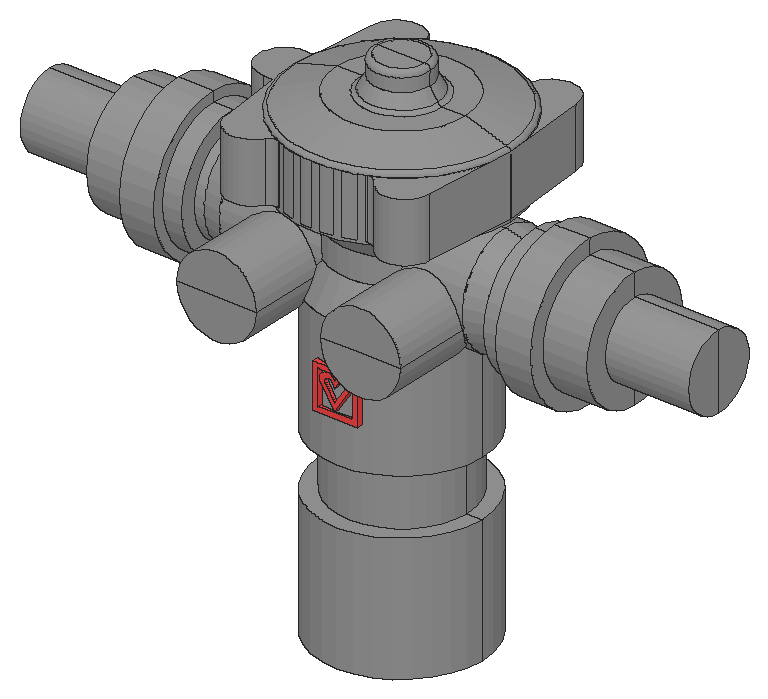
Revit family "Комби-клапан – регулятор расхода 4006_R_SMART_LF_MF", category Rohrzubehör, Revit 2018
Family settings
  Bemaßung runder Anschluss = Durchmesser verwenden
  Teiletyp = Unterbricht
  OmniClass-Nummer = 23.65.55.14
  OmniClass-Titel = Valves for Liquid Services
  Arbeitsebenenbasiert = Nein
  Immer vertikal = Ja
  Beim Laden mit Abzugskörper schneiden = Nein
  Gemeinsam genutzt = Nein
Parameters (values of type "MF")
  Среда = "Качество теплоносителя в соответствии с ÖNORM H5195 и/или предписаниями VDI-Standard 2035.\nРазрешается использование смеси этилен- или пропиленгликоля в соотношении 25-50% с водой."
  Номер заказа резьбового соединения [instance] = if(and(LF, Nennweite = 15.000 mm), 1621011, if(and(MF, Nennweite = 15.000 mm), 1621002, 0))  # 1621002
  Номер заказа [instance] = if(and(LF, Nennweite = 15.000 mm), 1400660, if(and(MF, Nennweite = 15.000 mm), 1400669, 0))  # 1400669
  Мин. рабочая температура (чистая вода) = 2 °C  # constant formula
  Мин. рабочая температура (антифриз) = -20 °C  # constant formula
  Макс. рабочая температура до DN32 = 130 °C  # constant formula
  Макс. рабочая температура от DN40 = 110 °C  # constant formula
  Макс. рабочее давление = 1600000.0 Pa  # constant formula
  VRL01 = 30.000 mm  # constant formula
  V12 = 17.000 mm  # constant formula
  V10 = 7.000 mm  # constant formula
  V09 [instance] = L06 + 4.000 mm  # 11.000 mm
  V04 [instance] = V08 + 3.000 mm  # 13.000 mm
  V03 [instance] = V08 + 5.000 mm  # 15.000 mm
  V02 [instance] = V01 + 4.500 mm  # 12.000 mm
  V01 [instance] = Nennweite / 2  # 7.500 mm
  URL = "www.herz-armaturen.ru"
  Шпиндель = "Нержавеющая сталь 14301"  # constant formula
  SCRNSEQ = "ARM;ARM_TYP=\"DURR\";2"
  SCRNCODE = "05;04;02"  # constant formula
  S09 = 10.000 mm  # constant formula
  S08 = 30.000 mm  # constant formula
  S07 [instance] = H03 + 3.700 mm  # 10.051 mm
  S04 [instance] = V03 * 2  # 30.000 mm
  S01 [instance] = L01 + L02 + (VRL01 * 2)  # 135.000 mm
  R17 [instance] = size_lookup("4006R_S_LF_MF", "R17", 12.500 mm, Nennweite)  # 12.500 mm
  R16 [instance] = size_lookup("4006R_S_LF_MF", "R16", 16.500 mm, Nennweite)  # 16.500 mm
  R15 = 7.225 mm  # constant formula
  R14 = 8.070 mm  # constant formula
  R13 = 3.496 mm  # constant formula
  R12 = 6.800 mm  # constant formula
  R11 = 9.620 mm  # constant formula
  R10 = 6.800 mm  # constant formula
  R09 = 16.292 mm  # constant formula
  R08 = 13.212 mm  # constant formula
  R07 = 18.816 mm  # constant formula
  R06 = 22.000 mm  # constant formula
  R05 = 12.954 mm  # constant formula
  R04 = 7.193 mm  # constant formula
  R03 = 5.755 mm  # constant formula
  R02 = 4.670 mm  # constant formula
  R01 [instance] = size_lookup("4006R_S_LF_MF", "R01", 11.000 mm, Nennweite)  # 11.000 mm
  PN = 16  # constant formula
  Кольцевое уплотнение O-Ring = "EPDM"  # constant formula
  V08 [instance] = size_lookup("4006R_S_LF_MF", "N2", 10.000 mm, Nennweite)  # 10.000 mm
  Nennweite/2 [instance] = size_lookup("4006R_S_LF_MF", "N1", 8.000 mm, Nennweite)  # 9.000 mm
  Nennweite [instance] = 15.000 mm
  Корпус мембраны = "латунь CW602N"  # constant formula
  Мембрана = "EPDM"  # constant formula
  MF [instance] = yes
  LF [instance] = no
  L15 [instance] = size_lookup("4006R_S_LF_MF", "L15", 3.300 mm, Nennweite)  # 3.300 mm
  L14 [instance] = size_lookup("4006R_S_LF_MF", "L14", 43.477 mm, Nennweite)  # 43.477 mm
  L13 [instance] = size_lookup("4006R_S_LF_MF", "L13", 32.232 mm, Nennweite)  # 32.232 mm
  L12 [instance] = size_lookup("4006R_S_LF_MF", "L12", 6.497 mm, Nennweite)  # 6.497 mm
  L11 [instance] = size_lookup("4006R_S_LF_MF", "L11", 5.418 mm, Nennweite)  # 5.418 mm
  L10 [instance] = size_lookup("4006R_S_LF_MF", "L10", 12.434 mm, Nennweite)  # 12.434 mm
  L09 [instance] = size_lookup("4006R_S_LF_MF", "L09", 24.943 mm, Nennweite)  # 24.943 mm
  L08 [instance] = size_lookup("4006R_S_LF_MF", "L08", 28.260 mm, Nennweite)  # 28.260 mm
  L07 [instance] = size_lookup("4006R_S_LF_MF", "L07", 33.915 mm, Nennweite)  # 33.915 mm
  L06 = 7.000 mm  # constant formula
  L05 = 9.000 mm  # constant formula
  L04 = 21.000 mm  # constant formula
  L03 = 28.000 mm  # constant formula
  L02 = 34.000 mm  # constant formula
  L01 = 41.000 mm  # constant formula
  Импульсная трубка = "Медь Cu-DHP (CW024A)"  # constant formula
  Ход = 4.000 mm  # constant formula
  Hersteller = "Herz-Armaturen GmbH"  # constant formula
  H04 = 12.000 mm  # constant formula
  H03 = 6.351 mm  # constant formula
  H02 [instance] = size_lookup("4006R_S_LF_MF", "H2", 69.000 mm, Nennweite)  # 69.000 mm
  H01 [instance] = size_lookup("4006R_S_LF_MF", "H1", 35.000 mm, Nennweite)  # 35.000 mm
  H [instance] = 112.553 mm  # constant formula
  Корпус = "Латунь, устойчивая к селективной цинковой коррозии"  # constant formula
  E20 = 108.221 mm  # constant formula
  E19 = 5.000 mm  # constant formula
  E18 = 5.150 mm  # constant formula
  E17 = 28.850 mm  # constant formula
  E16 = 23.700 mm  # constant formula
  E15 = 21.877 mm  # constant formula
  E14 = 20.506 mm  # constant formula
  E13 = 11.063 mm  # constant formula
  E12 = 9.001 mm  # constant formula
  E11 = 10.700 mm  # constant formula
  E10 = 20.427 mm  # constant formula
  E09 = 20.075 mm  # constant formula
  E08 = 20.825 mm  # constant formula
  E07 = 5.150 mm  # constant formula
  E06 = 17.921 mm  # constant formula
  E05 = 20.519 mm  # constant formula
  E04 = 19.704 mm  # constant formula
  E03 = 18.385 mm  # constant formula
  E02 = 20.014 mm  # constant formula
  E01 = 23.000 mm  # constant formula
  Пружина = "Пружинная нержавеющая сталь"  # constant formula
  Защитный колпачок = "Пластик"  # constant formula
  B09 = 7.998 mm  # constant formula
  B08 = 26.000 mm  # constant formula
  B07 = 30.908 mm  # constant formula
  B06 = 39.471 mm  # constant formula
  B05 = 40.933 mm  # constant formula
  B04 = 41.901 mm  # constant formula
  B03 = 44.372 mm  # constant formula
  B02 = 45.400 mm  # constant formula
  B01 = 50.000 mm  # constant formula
  Область применения = "Комби-клапан применяется в системах отопления и охлаждения с насосами. Комби-клапан автоматически ограничивает расход на выбранном участке системы до заданного значения, компенсируя все колебания давления. При этом нет необходимости в измерениях, а регулирование эффективно при любых условиях эксплуатации. Комби-клапан регулирует расход в соответствии с настройкой до заданного значения; на мембрану воздействует давление непосредственно до и после регулирующей части."
Types (3, lengths in mm): name | Номер заказа резьбового соединения | Номер заказа | MF | LF
  (no name) | 1621002 | 1400669 | yes | no
  LF | 1621011 | 1400660 | no | yes
  MF | 1621002 | 1400669 | yes | no
Reference planes
  plane 1 "Mitte (Vorne/hinten)": y = 0
  plane 2: z = 0
  plane 3 "Mitte (Links/rechts)": x = 0
Forms (mm)
  Revolve 1, solid, material "Messing, weicher Gelbton, geschweißt", detail levels fine
    sketch origin (0, 0, 0) x (1, 0, 0) y (0, 0, 1)
      loop
        line (-41, 9) -> (-34, 9) -> (-34, 0) -> (27, 0) -> (27, 9) -> (34, 9) -> (34, 10) -> (25, 10) -> (21, 11) -> (-28, 11) -> (-32, 10) -> (-41, 10) -> (-41, 9)
      axis (-41, 0) -> (34, 0)
    angle from 0 to 360
  Revolve 2, solid, material "Messing, weicher Gelbton, geschweißt", detail levels fine
    sketch origin (0, 0, 0) x (1, 0, 0) y (0, 0, 1)
      loop
        line (0, -69) -> (16.292, -69) -> (16.292, -43.477) -> (13.212, -43.477) -> (13.212, -32.232) -> (16.292, -32.232) -> (16.292, -6.497) -> (13.212, 0.106) -> (13.212, 5.418) -> (18.816, 12.434) -> (22, 12.434) -> (22, 24.943)
        arc (22, 24.943) -> (21.752, 25.523) -> (21.223, 25.866) r 1.085
        line (21.223, 25.866) -> (12.954, 28.26) -> (8.134, 28.26)
        arc (8.134, 28.26) -> (7.591, 28.406) -> (7.193, 28.803) r 1.086
        line (7.193, 28.803) -> (5.755, 31.294) -> (5.755, 33.915)
        arc (5.755, 33.915) -> (5.437, 34.682) -> (4.67, 35) r 1.085
        line (4.67, 35) -> (0, 35) -> (0, -69)
      axis (0, 35) -> (0, -69)
    angle from 0 to 360
  Extrusion 3, solid, material "Messing, weicher Gelbton, geschweißt", detail levels fine
    sketch origin (0, 0, 28.917) x (1, 0, 0) y (0, 1, 0)
      loop
        arc (-20.506, 17.921) -> (-21.381, 11.556) -> (-21.877, 5.15) r 108.259
        line (-21.877, 5.15) -> (-23.7, 5.15)
        arc (-23.7, 5.15) -> (-27.342, 3.642) -> (-28.85, 0) r 5.15
        arc (-28.85, 0) -> (-27.342, -3.642) -> (-23.7, -5.15) r 5.15
        line (-23.7, -5.15) -> (-21.877, -5.15)
        arc (-21.877, -5.15) -> (-21.356, -11.79) -> (-20.427, -18.385) r 108.259
        arc (-20.427, -18.385) -> (-16.688, -23.223) -> (-11.063, -20.825) r 5
        arc (-11.063, -20.825) -> (-10.143, -20.146) -> (-9.001, -20.075) r 2.019
        arc (-9.001, -20.075) -> (0, -22.001) -> (9.001, -20.075) r 22.001
        arc (9.001, -20.075) -> (10.143, -20.145) -> (11.063, -20.825) r 2.019
        arc (11.063, -20.825) -> (16.688, -23.223) -> (20.427, -18.385) r 5
        arc (20.427, -18.385) -> (22, 0) -> (20.427, 18.385) r 108.221
        arc (20.427, 18.385) -> (16.253, 23.316) -> (10.7, 20.014) r 5
        arc (10.7, 20.014) -> (9.88, 19.699) -> (9.001, 19.704) r 2.379
        arc (9.001, 19.704) -> (0, 21.663) -> (-9.001, 19.704) r 21.663
        arc (-9.001, 19.704) -> (-10.161, 19.785) -> (-11.063, 20.519) r 1.927
        arc (-11.063, 20.519) -> (-16.774, 22.818) -> (-20.506, 17.921) r 5.079
    from -15.973 to -3.973
  Revolve 4, solid, material "Messing, weicher Gelbton, geschweißt", detail levels fine
    sketch origin (0, 0, -3.3) x (1, 0, 0) y (0, 1, 0)
      loop
        line (-16.5, -26) -> (-16.5, -7.998) -> (-24.57, -7.998) -> (-24.57, -26) -> (-16.5, -26)
      axis (-16.5, -7.998) -> (-16.5, -26)
    angle from 0 to 360
  Revolve 5, solid, material "Messing, weicher Gelbton, geschweißt", detail levels fine
    sketch origin (-4, 0, -3.3) x (-1, 0, 0) y (0, -1, 0)
      loop
        line (-16.5, 26) -> (-24.57, 26) -> (-24.57, 7.998) -> (-16.5, 7.998) -> (-16.5, 26)
      axis (-16.5, 7.998) -> (-16.5, 26)
    angle from 0 to 360
  Revolve 6, solid, material "Messing, weicher Gelbton, geschweißt", detail levels fine
    sketch origin (0, 0, 0) x (1, 0, 0) y (0, 0, 1)
      loop
        line (34, 0) -> (64, 0) -> (64, 7.5) -> (47, 7.5) -> (47, 12) -> (38, 12) -> (38, 15) -> (31, 15) -> (31, 13) -> (27, 13) -> (27, 10) -> (34, 10) -> (34, 0)
      axis (27, 0) -> (64, 0)
    angle from 0 to 360
  Revolve 7, solid, material "Messing, weicher Gelbton, geschweißt", detail levels fine
    sketch origin (-7, 0, 0) x (-1, 0, 0) y (0, 0, -1)
      loop
        line (34, 0) -> (34, -10) -> (27, -10) -> (27, -13) -> (31, -13) -> (31, -15) -> (38, -15) -> (38, -12) -> (47, -12) -> (47, -7.5) -> (64, -7.5) -> (64, 0) -> (34, 0)
      axis (27, 0) -> (64, 0)
    angle from 0 to 360
Lines and regions (mm)
  model lines, detail levels coarse+medium
    curve 1: line (67.5, -15, 0) -> (67.5, 15, 0)
    curve 2: line (67.5, 15, 0) -> (-67.5, -15, 0)
    curve 3: line (-67.5, -15, 0) -> (-67.5, 15, 0)
    curve 4: line (-67.5, 15, 0) -> (67.5, -15, 0)
    curve 5: line (-67.5, 14.673, 0) -> (0, -12.434, 0)
    curve 6: line (0, -12.434, 0) -> (67.5, 14.673, 0)
    curve 7: line (0, -12.434, 0) -> (0, -24.949, 0)
    curve 8: spline (-22, -29.974, 0) -> (-21.25, -28.674, 0) -> (-19.053, -27.462, 0) -> (-15.556, -26.421, 0) -> (-11, -25.622, 0) -> (-5.694, -25.12, 0) -> (0, -24.949, 0) -> (5.694, -25.12, 0) -> (11, -25.622, 0) -> (15.556, -26.421, 0) -> (19.053, -27.462, 0) -> (21.25, -28.674, 0) -> (22, -29.975, 0) -> (21.25, -31.275, 0) -> (19.053, -32.487, 0) -> (15.556, -33.528, 0) -> (11, -34.327, 0) -> (5.694, -34.829, 0) -> (0, -35, 0) -> (-5.694, -34.829, 0) -> (-11, -34.327, 0) -> (-15.556, -33.528, 0) -> (-19.053, -32.487, 0) -> (-21.25, -31.275, 0) -> (-22, -29.974, 0)
    curve 9: line (-67.5, 0, 15) -> (-67.5, 0, -15)
    curve 10: line (-67.5, 0, -15) -> (67.5, 0, 15)
    curve 11: line (67.5, 0, 15) -> (67.5, 0, -15)
    curve 12: line (67.5, 0, -15) -> (-67.5, 0, 15)
    curve 13: line (67.5, 0, -14.975) -> (0, 0, 12.434)
    curve 14: line (0, 0, 12.434) -> (-67.5, 0, -15)
    curve 15: line (0, 0, 12.434) -> (0, 0, 24.949)
    curve 16: spline (-22, 0, 29.975) -> (-21.25, 0, 31.275) -> (-19.053, 0, 32.487) -> (-15.556, 0, 33.528) -> (-11, 0, 34.327) -> (-5.694, 0, 34.829) -> (0, 0, 35) -> (5.694, 0, 34.829) -> (11, 0, 34.327) -> (15.556, 0, 33.528) -> (19.053, 0, 32.487) -> (21.25, 0, 31.275) -> (22, 0, 29.974) -> (21.25, 0, 28.674) -> (19.053, 0, 27.462) -> (15.556, 0, 26.421) -> (11, 0, 25.622) -> (5.694, 0, 25.12) -> (0, 0, 24.949) -> (-5.694, 0, 25.12) -> (-11, 0, 25.622) -> (-15.556, 0, 26.421) -> (-19.053, 0, 27.462) -> (-21.25, 0, 28.674) -> (-22, 0, 29.975)
  model lines
    curve 17: line (-67.5, 0, 15) -> (-77.5, 0, 15)
    curve 18: line (-77.5, 0, 15) -> (-67.5, 0, 0)
    curve 19: line (-67.5, 0, -15) -> (-77.5, 0, -15)
    curve 20: line (-77.5, 0, -15) -> (-67.5, 0, 0)
    curve 21: line (67.5, 0, 15) -> (77.5, 0, 15)
    curve 22: line (77.5, 0, 15) -> (67.5, 0, 0)
    curve 23: line (67.5, 0, -15) -> (77.5, 0, -15)
    curve 24: line (77.5, 0, -15) -> (67.5, 0, 0)
    curve 25: line (-67.5, 0, 0) -> (-97.5, 0, 0)
    curve 26: line (67.5, 0, 0) -> (97.5, 0, 0)
Dimensions and locks
  "H02": level to Revolve 2 sketch curve
  "L01": plane 3 "Mitte (Links/rechts)" to Revolve 1 sketch curve
  "V08": Revolve 1 sketch curve to Revolve 1 sketch curve  (x2)
  "Nennweite/2": Revolve 1 sketch curve to Revolve 1 sketch curve  (x2)
  "E01": plane 1 "Mitte (Vorne/hinten)" to Extrusion 3 sketch curve
  "L03": plane 3 "Mitte (Links/rechts)" to Revolve 1 sketch curve
  "L04": Revolve 1 sketch curve to plane 3 "Mitte (Links/rechts)"
  "L05": Revolve 1 sketch curve to Revolve 1 sketch curve  (x2)
  "L06": Revolve 1 sketch curve to Revolve 1 sketch curve  (x2)
  "L02": Revolve 1 sketch curve to plane 3 "Mitte (Links/rechts)"
  "H01": Revolve 2 sketch curve to level
  "R02": Revolve 2 sketch curve to Revolve 2 sketch curve
  "R03": Revolve 2 sketch curve to Revolve 2 sketch curve
  "R04": Revolve 2 sketch curve to Revolve 2 sketch curve
  "R05": Revolve 2 sketch curve to Revolve 2 sketch curve
  "R06": Revolve 2 sketch curve to Revolve 2 sketch curve
  "R07": Revolve 2 sketch curve to Revolve 2 sketch curve
  "R08": Revolve 2 sketch curve to Revolve 2 sketch curve  (x2)
  "R09": Revolve 2 sketch curve to Revolve 2 sketch curve  (x2)
  "L07": Revolve 2 sketch curve to plane 2
  "L08": Revolve 2 sketch curve to plane 2
  "L09": Revolve 2 sketch curve to plane 2
  "L10": Revolve 2 sketch curve to plane 2
  "L11": Revolve 2 sketch curve to plane 2
  "L12": plane 2 to Revolve 2 sketch curve
  "L13": plane 2 to Revolve 2 sketch curve
  "L14": plane 2 to Revolve 2 sketch curve
  "B08": plane 1 "Mitte (Vorne/hinten)" to Revolve 4 sketch curve
  "B09": Revolve 4 sketch curve to plane 1 "Mitte (Vorne/hinten)"
  "E02": plane 1 "Mitte (Vorne/hinten)" to Extrusion 3 sketch curve
  "E03": plane 1 "Mitte (Vorne/hinten)" to Extrusion 3 sketch curve
  "E04": plane 1 "Mitte (Vorne/hinten)" to Extrusion 3 sketch curve  (x2)
  "E05": plane 1 "Mitte (Vorne/hinten)" to Extrusion 3 sketch curve
  "E06": plane 1 "Mitte (Vorne/hinten)" to Extrusion 3 sketch curve
  "E07": plane 1 "Mitte (Vorne/hinten)" to Extrusion 3 sketch curve  (x2)
  "E03": Extrusion 3 sketch curve to plane 1 "Mitte (Vorne/hinten)"  (x2)
  "E08": Extrusion 3 sketch curve to plane 1 "Mitte (Vorne/hinten)"  (x2)
  "E09": Extrusion 3 sketch curve to plane 1 "Mitte (Vorne/hinten)"  (x2)
  "E07": Extrusion 3 sketch curve to plane 1 "Mitte (Vorne/hinten)"
  "E10": plane 3 "Mitte (Links/rechts)" to Extrusion 3 sketch curve  (x2)
  "E11": plane 3 "Mitte (Links/rechts)" to Extrusion 3 sketch curve
  "E12": plane 3 "Mitte (Links/rechts)" to Extrusion 3 sketch curve  (x2)
  "E12": Extrusion 3 sketch curve to plane 3 "Mitte (Links/rechts)"  (x2)
  "E13": Extrusion 3 sketch curve to plane 3 "Mitte (Links/rechts)"  (x2)
  "E14": Extrusion 3 sketch curve to plane 3 "Mitte (Links/rechts)"
  "E15": Extrusion 3 sketch curve to plane 3 "Mitte (Links/rechts)"  (x2)
  "E16": Extrusion 3 sketch curve to plane 3 "Mitte (Links/rechts)"  (x2)
  "E17": Extrusion 3 sketch curve to plane 3 "Mitte (Links/rechts)"
  "E10": Extrusion 3 sketch curve to plane 3 "Mitte (Links/rechts)"
  "E13": plane 3 "Mitte (Links/rechts)" to Extrusion 3 sketch curve
  "H03": Revolve 2 to Extrusion 3
  "H04": Extrusion 3 to Extrusion 3
  "R01": Revolve 1 sketch curve to Revolve 1 sketch curve
  "R16": Revolve 4 sketch curve to plane 3 "Mitte (Links/rechts)"
  "R17": plane 3 "Mitte (Links/rechts)" to Revolve 5 sketch curve
  "L06": Revolve 6 sketch curve to Revolve 6 sketch curve
  "V09": Revolve 6 sketch curve to Revolve 6 sketch curve
  "V10": Revolve 6 sketch curve to Revolve 6 sketch curve
  "V12": Revolve 6 sketch curve to Revolve 6 sketch curve
  "V01": Revolve 6 sketch curve to plane 2
  "V02": Revolve 6 sketch curve to plane 2
  "V08": Revolve 6 sketch curve to plane 2
  "V04": Revolve 6 sketch curve to plane 2
  "V03": Revolve 6 sketch curve to plane 2
  "L02": plane 3 "Mitte (Links/rechts)" to Revolve 6 sketch curve
  "L06": Revolve 7 sketch curve to Revolve 7 sketch curve
  "V09": Revolve 7 sketch curve to Revolve 7 sketch curve
  "V10": Revolve 7 sketch curve to Revolve 7 sketch curve
  "V12": Revolve 7 sketch curve to Revolve 7 sketch curve
  "V01": Revolve 7 sketch curve to plane 2
  "V02": Revolve 7 sketch curve to plane 2
  "V08": Revolve 7 sketch curve to plane 2
  "V04": Revolve 7 sketch curve to plane 2
  "V03": Revolve 7 sketch curve to plane 2
  "L01": Revolve 7 sketch curve to plane 3 "Mitte (Links/rechts)"
  "VRL01": Revolve 7 sketch curve to Revolve 7 sketch curve
  "VRL01": Revolve 6 sketch curve to Revolve 6 sketch curve
  equal spacing: curve 3, plane 3 "Mitte (Links/rechts)", curve 1
  "S01": curve 3 to curve 1
  "S04": curve 2 to curve 4
  "S04": curve 4 to curve 3
  "L10": curve 7 to plane 1 "Mitte (Vorne/hinten)"
  "R06": curve 8 to plane 3 "Mitte (Links/rechts)" to curve 8
  "S07": curve 8 to curve 8
  "H01": curve 8 to plane 1 "Mitte (Vorne/hinten)"
  equal spacing: curve 3, plane 1 "Mitte (Vorne/hinten)", curve 4
  equal spacing: curve 4, plane 1 "Mitte (Vorne/hinten)", curve 2
  "S01": curve 9 to curve 11
  "S04": curve 12 to curve 14
  "S04": curve 11 to curve 12
  equal spacing: curve 9, plane 3 "Mitte (Links/rechts)", curve 11
  equal spacing: curve 11, plane 2, curve 12
  equal spacing: curve 12, plane 2, curve 14
  "R06": curve 16 to plane 3 "Mitte (Links/rechts)" to curve 16
  "L10": curve 15 to plane 2
  "H01": curve 16 to plane 2
  "S07": curve 16 to curve 16
  "S09": curve 18 to curve 9
  "S09": curve 20 to curve 9
  "S08": curve 25 to curve 9
  "V03": curve 17 to plane 2 to curve 19
  "S09": curve 11 to curve 22
  "S09": curve 11 to curve 24
  "S08": curve 11 to curve 26
  "V03": curve 21 to plane 2 to curve 23
  "E18": radius of Extrusion 3 sketch curve  (x2)
  "E19": radius of Extrusion 3 sketch curve  (x3)
  "E20": radius of Extrusion 3 sketch curve
  aligned and locked: level to plane 2
Automatic sketch dimensions
  curve 18 to level = 0.000 mm
  curve 22 to level = 0.000 mm
  curve 17 to curve 18 = 10.000 mm
  curve 22 to curve 21 = 10.000 mm
  curve 19 to curve 19 = 10.000 mm
  curve 17 to curve 17 = 10.000 mm
  curve 23 to curve 23 = 10.000 mm
  curve 21 to curve 21 = 10.000 mm
  curve 6 to plane 3 "Mitte (Links/rechts)" = 0.000 mm
  curve 6 to curve 1 = 0.327 mm
  curve 5 to curve 3 = 0.327 mm
  Revolve 1 sketch curve to level = 0.000 mm  (x2)
  Revolve 1 sketch curve to Revolve 1 sketch curve = 1307.458 mm
  Revolve 1 sketch curve to Revolve 1 sketch curve = 1854.450 mm
  Revolve 2 sketch curve to plane 3 "Mitte (Links/rechts)" = 0.000 mm  (x2)
  Revolve 2 sketch curve to Revolve 2 sketch curve = 0.941 mm
  Revolve 2 sketch curve to Revolve 2 sketch curve = 1.078 mm
  Revolve 2 sketch curve to Revolve 2 sketch curve = 0.302 mm
  level to Revolve 2 sketch curve = 0.106 mm
  Revolve 2 sketch curve to Revolve 2 sketch curve = 0.119 mm
  Revolve 2 sketch curve to Revolve 2 sketch curve = 0.543 mm
  Revolve 2 sketch curve to Revolve 2 sketch curve = 2.621 mm
  Revolve 2 sketch curve to Revolve 2 sketch curve = 297.045 mm
  Revolve 2 sketch curve to Revolve 2 sketch curve = 2179.315 mm
  Extrusion 3 sketch curve to Extrusion 3 sketch curve = 0.000 mm  (x4)
  plane 1 "Mitte (Vorne/hinten)" to Extrusion 3 sketch curve = 0.000 mm
  Extrusion 3 sketch curve to Extrusion 3 sketch curve = 1.610 mm  (x2)
  Extrusion 3 sketch curve to Extrusion 3 sketch curve = 0.451 mm
  Extrusion 3 sketch curve to Extrusion 3 sketch curve = 0.452 mm
  Revolve 4 sketch curve to Revolve 4 sketch curve = 0.000 mm  (x3)
  Revolve 4 sketch curve to Revolve 4 sketch curve = 8.070 mm
  Revolve 5 sketch curve to Revolve 5 sketch curve = 0.000 mm  (x3)
  Revolve 5 sketch curve to Revolve 5 sketch curve = 8.070 mm
  plane 1 "Mitte (Vorne/hinten)" to Revolve 5 sketch curve = 7.998 mm
  Revolve 5 sketch curve to Revolve 5 sketch curve = 18.002 mm
  Revolve 6 sketch curve to level = 0.000 mm  (x2)
  Revolve 6 sketch curve to Revolve 6 sketch curve = 0.000 mm  (x2)
  Revolve 7 sketch curve to level = 0.000 mm  (x2)
  Revolve 7 sketch curve to Revolve 7 sketch curve = 0.000 mm  (x2)
  curve 14 to plane 3 "Mitte (Links/rechts)" = 0.000 mm
  curve 10 to curve 14 = 0.000 mm
  curve 11 to curve 13 = 0.025 mm
Nested families
  nested 1: "Herz-Logo-vorne" at (0, -16.056, -19.148) x (0, 1, 0) z (0, 0, 1), type "Herz-Logo-vorne", detail levels fine
Connectors
  piping at (64, 0, 0), diameter 15, driven by "Nennweite"
    settings: on Revolve 6, index 1, connector inside diameter 609.6 mm, connector length 0.000 mm, flow factor 0, pipe flow 0.0 L/s, pressure drop 0.0 Pa, fitting loss kfactor 0, connector angle 0.00°, fixture units 0, engagement length 0.000 mm, angle of deflection 0.00°, flow configuration 0, flow direction 2, fitting loss method 0, system type 29, joint type 0, gender type 0, connector reference index -1, connector utility 0, adjustable connector no, is connector primary yes, connector description ""
  piping at (-71, 0, 0), diameter 15, driven by "Nennweite"
    settings: on Revolve 7, index 2, connector inside diameter 609.6 mm, connector length 0.000 mm, flow factor 0, pipe flow 0.0 L/s, pressure drop 0.0 Pa, fitting loss kfactor 0, connector angle 0.00°, fixture units 0, engagement length 0.000 mm, angle of deflection 0.00°, flow configuration 0, flow direction 1, fitting loss method 0, system type 29, joint type 0, gender type 0, connector reference index -1, connector utility 0, adjustable connector no, is connector primary no, connector description ""
Definition of nested family "Herz-Logo-vorne"
  Reference planes
    plane 1 "Mitte (Vorne/hinten)": y = 0
    plane 2: z = 0
    plane 3 "Mitte (Links/rechts)": x = 0
  Forms (mm)
    Extrusion 1, solid
      sketch origin (0.732, -0.018, 0.017) x (0, -1, 0) y (0, 0, 1)
        loop
          line (-0.018, -4.517) -> (4.482, -4.517) -> (4.482, 4.483) -> (-4.518, 4.483) -> (-4.518, -4.517) -> (-0.018, -4.517)
        loop
          line (-0.05, -3.48) -> (3.482, -3.48) -> (3.482, 3.483) -> (-3.518, 3.483) -> (-3.518, -3.48) -> (-0.05, -3.48)
        loop
          arc (-0.018, 2.383) -> (-1.543, 3.287) -> (-3.067, 2.383) r 1.738
          arc (-3.067, 2.383) -> (-3.191, 1.899) -> (-3.067, 1.415) r 1.009
          line (-3.067, 1.415) -> (-0.018, -3.281) -> (3.032, 1.415)
          arc (3.032, 1.415) -> (3.156, 1.899) -> (3.032, 2.383) r 1.009
          arc (3.032, 2.383) -> (1.507, 3.287) -> (-0.018, 2.383) r 1.738
        loop
          arc (1.885, 1.272) -> (2.005, 1.675) -> (1.885, 2.079) r 0.74
          arc (1.885, 2.079) -> (1.265, 2.416) -> (0.644, 2.079) r 0.74
          line (0.644, 2.079) -> (-0.018, 0.97) -> (-0.679, 2.079)
          arc (-0.679, 2.079) -> (-1.3, 2.416) -> (-1.921, 2.079) r 0.74
          arc (-1.921, 2.079) -> (-2.04, 1.675) -> (-1.921, 1.272) r 0.74
          line (-1.921, 1.272) -> (-0.018, -1.658) -> (1.885, 1.272)
      from 0 to 1.5
  Dimensions and locks
    aligned and locked: level to plane 2
